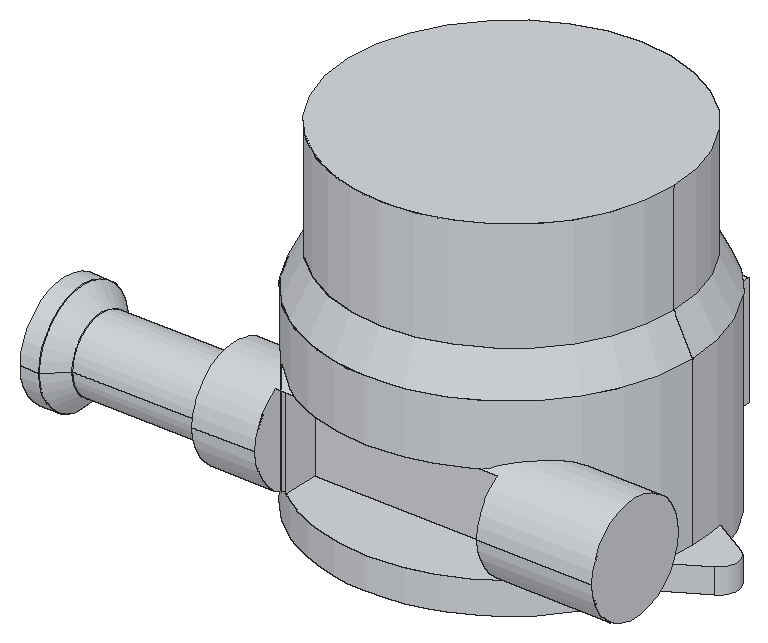
Revit family "8087836fba104e4c874786ef21817353", category Pipe Accessories, Revit 2021
Family settings
  Round Connector Dimension = Use Radius
  Part Type = Sensor
  OmniClass Number = 23.85.30.21.11.17
  OmniClass Title = Other Components
  Seek Item ID = Gas Detector-0000-USA-ENU
  Work Plane-Based = No
  Always vertical = Yes
  Cut with Voids When Loaded = No
  Shared = No
Parameters (values of type "Standard")
  Radius 1 = Nominal Radius * 1.5  # 0' - 1 1/8"
  Detector Material = none
  Nominal Radius = 3/4"
  Nominal Diameter = Nominal Radius * 2  # 1 1/2"
  Default Elevation = 0' - 0"
Reference planes (in)
  plane 1 "Center (Front/Back)": y = 0
  plane 2: z = 0
  plane 3 "Center (Left/Right)": x = 0
  plane 4: x = 7.7
  plane 5: y = 4.475
  plane 6: x = 4.65
  plane 7: x = 1.6
  plane 8: x = 2.3
  plane 9: y = 0.725
  plane 10: z = -1.1
  plane 11: z = 3.5
  plane 12: z = 2
  plane 13: z = 1.5
  plane 14: y = -0.725
  plane 15: y = 1.725
  plane 16: x = 0.5
  plane 17: x = 0.25
  plane 18: x = 3.85
Forms (in)
  Extrusion 1, solid, material <- "Detector Material", detail levels fine
    sketch origin (0, 0, 0) x (1, 0, 0) y (0, 1, 0)
      loop
        circle (4.65, 1.725) r 2.45
    from -1.1 to 1.5
  Extrusion 2, solid, material <- "Detector Material", detail levels fine
    sketch origin (0, 0, 0) x (1, 0, 0) y (0, 1, 0)
      loop
        circle (4.65, 1.725) r 2.2
    from 2 to 3.5
  Blend 3, solid, material <- "Detector Material", detail levels fine
    base sketch origin (0, 0, 0) x (1, 0, 0) y (0, 1, 0)
      loop
        circle (4.65, 1.725) r 2.45
    top sketch origin (0, 0, 0) x (1, 0, 0) y (0, 1, 0)
      loop
        circle (4.65, 1.725) r 2.2
    from 1.5 to 2
  Extrusion 4, solid, material <- "Detector Material", detail levels fine
    sketch origin (0, 0, 0.05418) x (0, 1, 0) y (0, 0, 1)
      loop
        circle (0, 0) r 0.725
    from 2.3 to 7.7
  Extrusion 5, solid, material <- "Detector Material", detail levels fine
    sketch origin (0, 0, 0) x (0, 1, 0) y (0, 0, 1)
      loop
        circle (0, 0) r 0.5
    from 0.5 to 2.3
  Extrusion 6, solid, material <- "Detector Material", detail levels fine
    sketch origin (0, 0, 0) x (0, 1, 0) y (0, 0, 1)
      loop
        circle (0, 0) r 0.75
    from 0 to 0.25
  Blend 7, solid, material <- "Detector Material", detail levels fine
    base sketch origin (0, 0, 0) x (0, 1, 0) y (0, 0, 1)
      loop
        circle (0, 0) r 0.75
    top sketch origin (0, 0, 0) x (0, 1, 0) y (0, 0, 1)
      loop
        circle (0, 0) r 0.5
    from 0.25 to 0.5
  Extrusion 8, void
    sketch origin (0, 0, 0) x (1, 0, 0) y (0, 1, 0)
      loop
        line (3.15, 0.275) -> (3.15, -0.725) -> (6.15, -0.725) -> (6.15, 0.275) -> (3.15, 0.275)
    from -0.67082 to 0.67082
  Extrusion 9, solid, material <- "Detector Material", detail levels fine
    sketch origin (0, 0, 0) x (1, 0, 0) y (0, 1, 0)
      loop
        line (6.84408, 1.725) -> (6.84408, 1.0865) -> (7.575, 1.50849)
        arc (7.575, 1.50849) -> (7.7, 1.725) -> (7.575, 1.94151) r 0.25
        line (7.575, 1.94151) -> (6.84408, 2.3635) -> (6.84408, 1.725)
      loop
        line (2.45592, 1.725) -> (2.45592, 2.3635) -> (1.725, 1.94151)
        arc (1.725, 1.94151) -> (1.6, 1.725) -> (1.725, 1.50849) r 0.25
        line (1.725, 1.50849) -> (2.45592, 1.0865) -> (2.45592, 1.725)
    from -0.75778 to -1.1
  Extrusion 10, solid, material <- "Detector Material", detail levels fine
    sketch origin (0, 0, 0) x (1, 0, 0) y (0, 1, 0)
      loop
        line (3.65, 4.475) -> (3.65, 3.475) -> (5.65, 3.475) -> (5.65, 4.475) -> (3.65, 4.475)
    from -0.75778 to 0.75778
Cuts and joins
  Extrusion 8 cuts Extrusion 1
  joined: Extrusion 1, Extrusion 9, Extrusion 10
  Extrusion 8 cuts Extrusion 4
Lines and regions (in)
  model lines, detail levels coarse+medium
    curve 1: circle (3.85, 0, 0) r 3.85 normal (0, 0, 1)
    curve 2: line (2.425, -2.46817, 0) -> (6.7, 0, 0)
    curve 3: line (2.425, 2.46817, 0) -> (2.425, -2.46817, 0)
    curve 4: line (6.7, 0, 0) -> (2.425, 2.46817, 0)
Dimensions and locks (in)
  locked: plane 3 "Center (Left/Right)" to plane 4 at 7.7
  locked: plane 7 to plane 4 at 6.1
  equal spacing: plane 7, plane 6, plane 4
  locked: plane 3 "Center (Left/Right)" to plane 8 at 2.3
  locked: plane 2 to plane 10 at 1.1
  locked: plane 11 to plane 10 at 4.6
  locked: plane 11 to plane 12 at 1.5
  locked: plane 12 to plane 13 at 0.5
  equal spacing: plane 9, plane 1 "Center (Front/Back)", plane 14
  locked: plane 14 to plane 5 at 5.2
  locked: plane 15 to plane 5 at 2.75
  locked: plane 3 "Center (Left/Right)" to plane 16 at 0.5
  equal spacing: plane 3 "Center (Left/Right)", plane 17, plane 16
  locked: plane 14 to Extrusion 8 sketch curve at 1
  equal spacing: Extrusion 8 sketch curve, plane 6, Extrusion 8 sketch curve
  locked: Extrusion 9 to plane 10 at 0.34222
  locked: plane 5 to Extrusion 10 sketch curve at 1
  equal spacing: Extrusion 10 sketch curve, plane 6, Extrusion 10 sketch curve
  equal spacing: Extrusion 10, plane 2, Extrusion 10
  equal spacing: plane 3 "Center (Left/Right)", plane 18, plane 4
  radius of Extrusion 1 sketch curve = 0' - 2.45"
  radius of Extrusion 2 sketch curve = 0' - 2.2"
  radius of Extrusion 5 sketch curve = 0' - 0 1/2"
  radius of curve 1 = 0' - 3.85"
  aligned and locked: plane 6 to Extrusion 2 sketch curve
  aligned and locked: Extrusion 2 to plane 12
  aligned and locked: Extrusion 1 to plane 10
  aligned and locked: Blend 3 sketch curve to Extrusion 1  (x2)
  aligned and locked: Blend 3 sketch curve to Extrusion 2  (x2)
  aligned and locked: plane 12 to Blend 3
  aligned and locked: Blend 3 to plane 13
  aligned and locked: plane 15 to Extrusion 2 sketch curve
  aligned and locked: plane 15 to Extrusion 1 sketch curve
  aligned and locked: plane 1 "Center (Front/Back)" to Extrusion 4 sketch curve
  aligned and locked: plane 4 to Extrusion 4
  aligned and locked: plane 2 to Extrusion 5 sketch curve
  aligned and locked: plane 1 "Center (Front/Back)" to Extrusion 5 sketch curve
  aligned: Extrusion 5 to plane 16
  aligned and locked: plane 8 to Extrusion 5
  aligned and locked: Extrusion 5 to plane 16
  aligned and locked: plane 2 to Extrusion 6 sketch curve
  aligned and locked: plane 1 "Center (Front/Back)" to Extrusion 6 sketch curve
  aligned and locked: plane 17 to Extrusion 6
  aligned and locked: Extrusion 6 to plane 3 "Center (Left/Right)"
  aligned and locked: Blend 7 sketch curve to Extrusion 6  (x2)
  aligned and locked: Blend 7 sketch curve to Extrusion 5  (x2)
  aligned and locked: Blend 7 to plane 17
  aligned and locked: plane 16 to Blend 7
  aligned and locked: plane 14 to Extrusion 8 sketch curve
  aligned and locked: Extrusion 9 to Extrusion 1
  aligned and locked: plane 5 to Extrusion 10 sketch curve
  aligned and locked: Extrusion 10 to cut or joined group of Extrusion 1, Extrusion 8, Extrusion 9, Extrusion 10
  aligned and locked: plane 1 "Center (Front/Back)" to curve 1
Automatic sketch dimensions
  level to Extrusion 4 sketch curve = 0' - 0.05418"
  Extrusion 1 sketch curve to plane 6 = 0' - 0"
  Extrusion 8 sketch curve to plane 18 = 0' - 0.7"
  Extrusion 10 sketch curve to plane 18 = 0' - 0.2"
  plane 15 to Extrusion 9 sketch curve = 0' - 0"  (x4)
  plane 7 to Extrusion 9 sketch curve = 0' - 0 1/8"  (x2)
  plane 7 to Extrusion 9 sketch curve = 0' - 0 1/4"
  plane 8 to Extrusion 9 sketch curve = 0' - 0.15592"
  Extrusion 9 sketch curve to plane 4 = 0' - 0.85592"
  Extrusion 9 sketch curve to plane 4 = 0' - 0 1/4"
  Extrusion 9 sketch curve to plane 4 = 0' - 0 1/8"  (x2)
  plane 15 to Extrusion 9 sketch curve = 0' - 0.21651"  (x2)
  Extrusion 9 sketch curve to plane 9 = 0' - 0.3615"  (x2)
  Extrusion 9 sketch curve to plane 15 = 0' - 0.6385"  (x2)
  plane 1 "Center (Front/Back)" to curve 2 = 0' - 0"
  plane 8 to curve 2 = 0' - 0 1/8"
  curve 4 to plane 4 = 0' - 1"
  curve 4 to plane 15 = 0' - 0.74317"
  curve 1 to plane 18 = 0' - 0"
  curve 3 to plane 14 = 0' - 1.74317"
  radius of Extrusion 4 sketch curve = 0' - 0.725"
  radius of Extrusion 6 sketch curve = 0' - 0 3/4"
Connectors (in)
  piping at (0, 0, 0), diameter 1.5, driven by "Nominal Radius"
    settings: on Extrusion 6, index 1, connector inside diameter 1 1/2", connector length 0' - 0", flow factor 0, pipe flow 0 GPM, pressure drop 0.00 psi, fitting loss kfactor 0, connector angle 0.00°, fixture units 0, engagement length 0' - 0", angle of deflection 0.00°, flow configuration 0, flow direction 0, fitting loss method 0, system type 28, joint type 0, gender type 0, connector reference index -1, connector utility 0, adjustable connector no, is connector primary yes, connector description ""
  electrical at (7.7, 0, 0.05418)
    settings: on cut or joined group of Extrusion 4, Extrusion 8, index 2, voltage 0 V, apparent load 0 VA, apparent load phase1 0 VA, apparent load phase2 0 VA, apparent load phase3 0 VA, power factor 1, load classification "Other", number of poles 1, system type 11, power factor state 1, is connector primary yes, connector utility no, sub classification motor no, connector description ""
